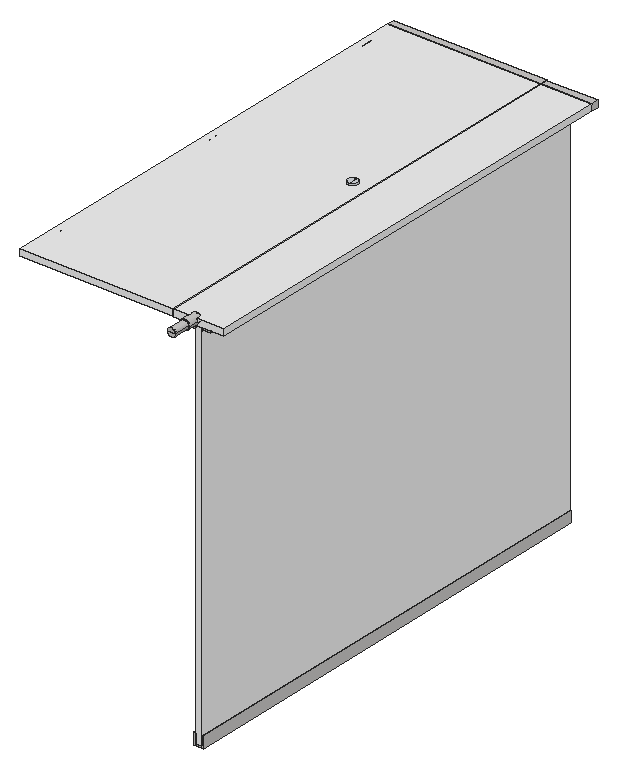
Revit family "Partition-Privada-Floor_Anchored-HPL_Series", category Specialty Equipment, host Face, Revit 2016 (continued)
Dimensions and locks (in)
  aligned and locked: Extrusion 4 to Extrusion 29  (x2)
  aligned and locked: Extrusion 27 to Extrusion 31  (x2)
  aligned and locked: Extrusion 5 to Extrusion 30  (x2)
  aligned and locked: Extrusion 32 to Extrusion 2
  aligned and locked: Extrusion 34 to Extrusion 2
  aligned and locked: Extrusion 33 to Extrusion 2
  aligned and locked: Extrusion 2 to Extrusion 29
  aligned and locked: Extrusion 7 to Extrusion 29
  aligned and locked: Extrusion 7 to Extrusion 31
  aligned and locked: Extrusion 2 to Extrusion 31
  aligned and locked: Extrusion 7 to Extrusion 30
  aligned and locked: Extrusion 2 to Extrusion 30
  aligned and locked: Extrusion 7 to Extrusion 4
  aligned and locked: Extrusion 7 to Extrusion 27
  aligned and locked: Extrusion 7 to Extrusion 5
  aligned and locked: Extrusion 25 to Extrusion 2
  aligned and locked: Extrusion 26 to Extrusion 2
  aligned and locked: curve 43 to Masking region 4
  aligned and locked: Masking region 5 to curve 55
  aligned and locked: curve 86 to Masking region 7
  aligned and locked: Masking region 6 to curve 71  (x3)
  aligned and locked: Revolve 35 sketch curve to plane 32
  aligned and locked: plane 32 to Revolve 35 sketch curve
  aligned and locked: plane 33 to Revolve 36 sketch curve  (x2)
Automatic sketch dimensions
  plane 28 to curve 33 = 0"
  curve 17 to plane 6 = 0"
  plane 14 to curve 51 = 0"
  curve 74 to plane 5 = 0"
  curve 84 to plane 13 = 0"
  curve 1 to plane 6 = 0"
  curve 64 to plane 6 = 0"
  curve 11 to plane 6 = 0"
  curve 13 to curve 16 = 0.17631"
  curve 16 to curve 16 = 0.0465"
  curve 22 to curve 21 = 0.0465"
  curve 20 to curve 20 = 0.12981"
  curve 17 to plane 6 = 0.18425"
  curve 18 to curve 17 = 1.1423"
  curve 91 to curve 55 = 0.34833"
  curve 47 to curve 47 = 0.12661"
  curve 90 to plane 14 = 1.64302"
  plane 5 to curve 57 = 1.69018"
  plane 5 to curve 82 = 1.69018"
  curve 82 to curve 77 = 1.75191"
  curve 93 to curve 72 = 0.59294"
  curve 74 to plane 13 = 11/64"
  curve 75 to plane 13 = 0.04528"
  curve 78 to plane 13 = 0.02264"
  curve 86 to curve 92 = 0.23934"
  curve 7 to curve 25 = 0.17631"
  curve 9 to curve 25 = 0.0465"
  curve 6 to curve 5 = 0.0465"
  curve 5 to curve 3 = 0.12981"
  curve 1 to plane 6 = 0.18425"
  curve 2 to curve 1 = 1.1423"
  plane 26 to curve 91 = 1.62135"
  plane 26 to curve 92 = 1.62538"
  curve 78 to plane 6 = 0.40809"
  curve 8 to curve 24 = 0.30997"
  curve 4 to curve 2 = 0.18822"
  curve 13 to curve 26 = 0.30997"
  curve 21 to curve 18 = 0.18822"
  curve 16 to curve 26 = 0.12175"
  curve 21 to curve 18 = 0"
  curve 5 to curve 2 = 0"
  curve 7 to plane 6 = 0.18425"
  curve 13 to curve 15 = 0"
  curve 10 to curve 7 = 0"
  curve 77 to plane 6 = 0.12528"
  plane 5 to curve 75 = 0.8152"
  curve 46 to curve 47 = 0.8152"
  curve 73 to curve 93 = 0.96427"
  curve 45 to curve 90 = 0.96831"
  curve 91 to curve 91 = 0.20958"  (x2)
  curve 90 to curve 90 = 0.15897"  (x2)
  curve 93 to curve 93 = 0.20906"  (x2)
  curve 85 to plane 13 = 1"
  plane 13 to curve 56 = 0.10298"
  curve 92 to curve 92 = 0.31856"  (x2)
  curve 60 to curve 40 = 1/4"
  plane 26 to curve 85 = 0.62624"
  curve 58 to curve 53 = 0.73441"
  curve 55 to curve 91 = 0.27423"
  curve 91 to curve 91 = 0.27423"
  curve 86 to curve 92 = 0.26264"
  curve 92 to curve 92 = 0.26264"
  curve 92 to curve 86 = 0.26264"
  curve 91 to curve 55 = 0.27423"
  curve 55 to curve 53 = 0.62078"
  curve 86 to curve 85 = 0.73822"
  curve 85 to curve 84 = 2.6827"
  plane 7 to curve 31 = 0.56517"
  plane 7 to curve 30 = 0.56517"
  plane 7 to curve 32 = 0.56517"
  plane 7 to curve 29 = 0.56517"
  plane 7 to curve 61 = 0.55902"
  plane 7 to curve 33 = 0.55902"
  plane 7 to curve 62 = 0.55902"
  plane 7 to curve 63 = 0.55902"
  curve 30 to plane 7 = 0.55442"
  curve 32 to plane 7 = 0.55442"
  curve 29 to plane 7 = 0.55442"
  curve 31 to plane 7 = 0.55442"
  curve 62 to plane 7 = 0.55902"
  curve 61 to plane 7 = 0.55902"
  curve 33 to plane 7 = 0.55902"
  curve 63 to plane 7 = 0.55902"
  curve 51 to curve 51 = 0.80815"
  curve 28 to curve 20 = 0.06519"
  curve 25 to curve 8 = 0.06519"
  curve 23 to curve 4 = 0.06519"
  curve 26 to curve 14 = 0.06519"
  curve 82 to curve 49 = 0.14576"
  curve 57 to curve 77 = 0.14576"
  curve 44 to curve 45 = 2.6827"
  curve 73 to curve 72 = 0.07734"
  curve 93 to curve 93 = 0.27423"
  curve 90 to curve 90 = 0.27423"
  curve 72 to curve 73 = 0.14072"
  host sketch curve to host sketch curve = 96"
  host sketch curve to host sketch curve = 92"
  Revolve 1 sketch curve to plane 6 = 0"  (x2)
  Revolve 1 sketch curve to Revolve 1 sketch curve = 0.09843"
  Revolve 1 sketch curve to Revolve 1 sketch curve = 0.30933"
  Revolve 1 sketch curve to Revolve 1 sketch curve = 0.21211"
  Revolve 1 sketch curve to plane 6 = 0.07136"
  Revolve 1 sketch curve to plane 20 = 2 5/16"
  Revolve 1 sketch curve to Revolve 1 sketch curve = 21/64"
  Revolve 1 sketch curve to Revolve 1 sketch curve = 0"  (x2)
  Revolve 1 sketch curve to Revolve 1 sketch curve = 0.07481"
  Revolve 1 sketch curve to Revolve 1 sketch curve = 0.11443"
  Revolve 1 sketch curve to Revolve 1 sketch curve = 0.24494"
  Revolve 1 sketch curve to plane 22 = 0.13953"
  Extrusion 2 sketch curve to plane 14 = 0.04528"
  Extrusion 3 sketch curve to plane 5 = 0"
  Extrusion 4 sketch curve to Extrusion 4 sketch curve = 0"  (x3)
  plane 14 to Extrusion 4 sketch curve = 0"
  Extrusion 4 sketch curve to plane 14 = 0.02264"
  Extrusion 4 sketch curve to plane 14 = 0.04528"
  Extrusion 4 sketch curve to Extrusion 4 sketch curve = 0.12661"  (x2)
  Extrusion 4 sketch curve to plane 6 = 0.40809"
  Extrusion 4 sketch curve to plane 6 = 0.12528"
  Extrusion 4 sketch curve to plane 6 = 0.0276"
  plane 22 to Extrusion 4 sketch curve = 0.14576"
  Extrusion 5 sketch curve to Extrusion 5 sketch curve = 0"  (x3)
  plane 14 to Extrusion 5 sketch curve = 0"
  Extrusion 5 sketch curve to plane 14 = 0.02264"
  Extrusion 5 sketch curve to plane 14 = 0.04528"
  Extrusion 5 sketch curve to Extrusion 5 sketch curve = 0.12661"  (x2)
  Extrusion 5 sketch curve to plane 6 = 0.40809"
  Extrusion 5 sketch curve to plane 6 = 0.12528"
  Extrusion 5 sketch curve to plane 6 = 0.0276"
  plane 22 to Extrusion 5 sketch curve = 0.14576"
  plane 28 to Revolve 6 sketch curve = 1/8"
  Revolve 6 sketch curve to plane 8 = 1 1/2"
  Revolve 6 sketch curve to Revolve 6 sketch curve = 1/32"
  Revolve 6 sketch curve to plane 8 = 1/2"
  plane 28 to Revolve 6 sketch curve = 3/16"
  plane 8 to Revolve 6 sketch curve = 0.77619"
  plane 28 to Revolve 6 sketch curve = 7/32"
  Revolve 6 sketch curve to Revolve 6 sketch curve = 0.05413"
  Revolve 6 sketch curve to plane 28 = 0.07516"
  Revolve 6 sketch curve to Revolve 6 sketch curve = 0.16969"
  Revolve 6 sketch curve to Revolve 6 sketch curve = 0.07201"
  Revolve 6 sketch curve to Revolve 6 sketch curve = 0.35908"
  Extrusion 9 sketch curve to plane 8 = 0"
  Extrusion 9 sketch curve to plane 9 = 0"
  plane 3 "." to Extrusion 9 sketch curve = 1/2"
  Extrusion 9 sketch curve to plane 3 "." = 1/2"
  Extrusion 10 sketch curve to level = 0"
  Extrusion 10 sketch curve to plane 3 "." = 3/4"
  Extrusion 10 sketch curve to Extrusion 10 sketch curve = 1 1/2"
  Extrusion 10 sketch curve to Extrusion 10 sketch curve = 0"
  Extrusion 11 sketch curve to plane 6 = 0"
  Extrusion 12 sketch curve to plane 8 = 0"
  Extrusion 12 sketch curve to plane 9 = 0"
  Extrusion 12 sketch curve to plane 17 "A" = 1/2"
  plane 17 "A" to Extrusion 12 sketch curve = 1/2"
  Extrusion 13 sketch curve to level = 0"
  plane 17 "A" to Extrusion 13 sketch curve = 3/4"
  Extrusion 13 sketch curve to Extrusion 13 sketch curve = 1 1/2"
  Extrusion 13 sketch curve to Extrusion 13 sketch curve = 0"
  Extrusion 14 sketch curve to plane 6 = 0"
  Masking region 1 sketch curve to plane 6 = 0"
  Masking region 1 sketch curve to level = 0"
  Masking region 1 sketch curve to plane 3 "." = 1.89254"
  Masking region 1 sketch curve to plane 3 "." = 3/4"
  Masking region 1 sketch curve to plane 6 = 1/4"  (x2)
  Masking region 1 sketch curve to plane 3 "." = 23/32"
  Masking region 1 sketch curve to plane 3 "." = 1/2"
  Masking region 1 sketch curve to Masking region 1 sketch curve = 1/4"
  Masking region 1 sketch curve to plane 3 "." = 0.00665"
  plane 3 "." to Masking region 1 sketch curve = 0.00665"
  plane 3 "." to Masking region 1 sketch curve = 1/2"  (x2)
  Masking region 1 sketch curve to Masking region 1 sketch curve = 0.23246"
  plane 3 "." to Masking region 1 sketch curve = 3/4"
  Masking region 1 sketch curve to Masking region 1 sketch curve = 1.16008"
  level to Masking region 1 sketch curve = 1 3/4"
  Masking region 1 sketch curve to Masking region 1 sketch curve = 0"
  plane 7 to Masking region 1 sketch curve = 0.56517"  (x2)
  plane 7 to Masking region 1 sketch curve = 0.00538"  (x2)
  Masking region 1 sketch curve to Masking region 1 sketch curve = 0.18765"  (x2)
  curve 66 to curve 66 = 0.13948"
  curve 79 to curve 79 = 0.13948"
  curve 79 to curve 80 = 0.03239"
  curve 66 to curve 67 = 0.03239"
  curve 43 to plane 21 = 2.93216"
  curve 43 to curve 43 = 0.54845"
  curve 80 to curve 80 = 0.68523"
  curve 67 to curve 67 = 0.68523"
  Masking region 2 sketch curve to Masking region 2 sketch curve = 0.1323"
  plane 13 to Masking region 2 sketch curve = 0.10298"
  Masking region 3 sketch curve to plane 6 = 0"
  Masking region 3 sketch curve to level = 0"
  Masking region 3 sketch curve to plane 32 = 0.89254"
  Masking region 3 sketch curve to plane 17 "A" = 3/4"
  Masking region 3 sketch curve to plane 6 = 1/4"  (x2)
  Masking region 3 sketch curve to plane 17 "A" = 0.73246"
  Masking region 3 sketch curve to plane 17 "A" = 1/2"
  Masking region 3 sketch curve to Masking region 3 sketch curve = 1/4"
  Masking region 3 sketch curve to plane 17 "A" = 0.00665"
  plane 17 "A" to Masking region 3 sketch curve = 0.00665"
  plane 17 "A" to Masking region 3 sketch curve = 1/2"  (x2)
  Masking region 3 sketch curve to Masking region 3 sketch curve = 7/32"
  plane 17 "A" to Masking region 3 sketch curve = 3/4"
  Masking region 3 sketch curve to Masking region 3 sketch curve = 1.17379"
  level to Masking region 3 sketch curve = 1 3/4"
  Masking region 3 sketch curve to Masking region 3 sketch curve = 0"
  plane 7 to Masking region 3 sketch curve = 0.56517"  (x2)
  plane 7 to Masking region 3 sketch curve = 0.00538"  (x2)
  Masking region 3 sketch curve to Masking region 3 sketch curve = 0.18765"  (x2)
  Extrusion 15 sketch curve to plane 9 = 0"
  plane 14 to Masking region 4 sketch curve = 0"
  Masking region 4 sketch curve to plane 5 = 0"
  Masking region 4 sketch curve to plane 14 = 0"
  Masking region 4 sketch curve to plane 21 = 0"
  plane 22 to Masking region 4 sketch curve = 0.14576"
  Masking region 4 sketch curve to plane 6 = 0.0276"  (x2)
  Masking region 4 sketch curve to plane 14 = 0.02264"
  Masking region 4 sketch curve to plane 6 = 0.40809"
  Masking region 4 sketch curve to plane 24 = 1.24762"
  Masking region 4 sketch curve to Masking region 4 sketch curve = 0.11852"  (x2)
  Masking region 4 sketch curve to plane 24 = 0.49699"
  Masking region 4 sketch curve to Masking region 4 sketch curve = 0.0296"  (x2)
  Masking region 4 sketch curve to Masking region 4 sketch curve = 0.6321"
  Masking region 4 sketch curve to plane 32 = 1.10074"
  Masking region 4 sketch curve to plane 21 = 6.72639"
  Masking region 4 sketch curve to Masking region 4 sketch curve = 0.03364"
  Masking region 4 sketch curve to Masking region 4 sketch curve = 0.04103"
  Masking region 4 sketch curve to Masking region 4 sketch curve = 0.99712"
  Masking region 4 sketch curve to Masking region 4 sketch curve = 2.06938"
  Masking region 4 sketch curve to Masking region 4 sketch curve = 0.07331"
  plane 14 to Masking region 4 sketch curve = 0.36271"
  Masking region 4 sketch curve to Masking region 4 sketch curve = 0.12026"
  Masking region 4 sketch curve to Masking region 4 sketch curve = 0.03199"
  Masking region 4 sketch curve to Masking region 4 sketch curve = 0.44105"
  Masking region 4 sketch curve to Masking region 4 sketch curve = 0"  (x2)
  Masking region 4 sketch curve to Masking region 4 sketch curve = 0.03239"
  Masking region 4 sketch curve to Masking region 4 sketch curve = 0.02826"  (x2)
  Masking region 4 sketch curve to Masking region 4 sketch curve = 0.03304"  (x2)
  Masking region 4 sketch curve to Masking region 4 sketch curve = 0.62078"
  Masking region 4 sketch curve to Masking region 4 sketch curve = 0.54845"
  Masking region 4 sketch curve to plane 32 = 0.09329"
  Masking region 4 sketch curve to Masking region 4 sketch curve = 0.56262"
  Masking region 4 sketch curve to Masking region 4 sketch curve = 3/4"
  Masking region 4 sketch curve to Masking region 4 sketch curve = 0.50615"
  Masking region 4 sketch curve to Masking region 4 sketch curve = 0.61271"
  plane 14 to Masking region 4 sketch curve = 0.36434"
  Masking region 4 sketch curve to Masking region 4 sketch curve = 0.02974"
  Masking region 4 sketch curve to Masking region 4 sketch curve = 0.1208"
  plane 21 to Masking region 4 sketch curve = 0.73862"
  Masking region 4 sketch curve to plane 14 = 11/64"
  Masking region 4 sketch curve to plane 14 = 1"  (x3)
  Masking region 4 sketch curve to Masking region 4 sketch curve = 0.24409"  (x2)
  Masking region 4 sketch curve to Masking region 4 sketch curve = 0.38148"  (x2)
  Masking region 4 sketch curve to plane 14 = 1.802"
  Masking region 4 sketch curve to Masking region 4 sketch curve = 0.6232"
  Masking region 4 sketch curve to Masking region 4 sketch curve = 2.47097"
  Masking region 4 sketch curve to Masking region 4 sketch curve = 0.01061"
  Masking region 4 sketch curve to Masking region 4 sketch curve = 0.00986"
  Masking region 4 sketch curve to Masking region 4 sketch curve = 0.55033"
  Masking region 4 sketch curve to Masking region 4 sketch curve = 0.09149"  (x2)
  Masking region 4 sketch curve to Masking region 4 sketch curve = 0.02856"  (x2)
  Masking region 5 sketch curve to plane 6 = 0"
  plane 14 to Masking region 5 sketch curve = 0"  (x2)
  Masking region 5 sketch curve to plane 32 = 0.02903"  (x2)
  plane 14 to Masking region 5 sketch curve = 1.4252"
  Masking region 5 sketch curve to Masking region 5 sketch curve = 0.6232"  (x2)
  plane 14 to Masking region 5 sketch curve = 1/2"  (x2)
  Masking region 5 sketch curve to Masking region 5 sketch curve = 0.11852"  (x2)
  Masking region 5 sketch curve to Masking region 5 sketch curve = 0.24409"  (x2)
  Masking region 5 sketch curve to Masking region 5 sketch curve = 0.12661"  (x2)
  Masking region 5 sketch curve to plane 14 = 0.02264"
  Masking region 5 sketch curve to plane 14 = 1"
  Masking region 5 sketch curve to Masking region 5 sketch curve = 0.35211"
  Masking region 5 sketch curve to Masking region 5 sketch curve = 0.35448"
  Masking region 5 sketch curve to Masking region 5 sketch curve = 0.01061"
  plane 26 to Masking region 5 sketch curve = 0.74704"
  Masking region 5 sketch curve to Masking region 5 sketch curve = 0.00986"
  Masking region 5 sketch curve to Masking region 5 sketch curve = 0.0337"
  Masking region 5 sketch curve to plane 26 = 1.68145"
  Masking region 5 sketch curve to Masking region 5 sketch curve = 0.1208"
  Masking region 5 sketch curve to Masking region 5 sketch curve = 0.73441"
  Masking region 5 sketch curve to Masking region 5 sketch curve = 0.61271"
  Masking region 5 sketch curve to Masking region 5 sketch curve = 0.54845"
  Masking region 5 sketch curve to Masking region 5 sketch curve = 1.6972"
  Masking region 5 sketch curve to Masking region 5 sketch curve = 0.62078"
  Masking region 5 sketch curve to Masking region 5 sketch curve = 0.12026"
  Masking region 5 sketch curve to Masking region 5 sketch curve = 2.23644"
  Masking region 5 sketch curve to Masking region 5 sketch curve = 0.75062"
  Masking region 5 sketch curve to Masking region 5 sketch curve = 0.6321"
  Masking region 5 sketch curve to plane 6 = 1.49904"
  Masking region 5 sketch curve to Masking region 5 sketch curve = 0.71047"
  Masking region 5 sketch curve to plane 6 = 0.40809"
  plane 22 to Masking region 5 sketch curve = 0.14576"
  Extrusion 17 sketch curve to plane 9 = 0"
  Extrusion 19 sketch curve to plane 13 = 0"
  Extrusion 19 sketch curve to plane 6 = 0"
  plane 18 to Extrusion 20 sketch curve = 0"
  Extrusion 20 sketch curve to plane 6 = 0"
  plane 28 to Extrusion 21 sketch curve = 0"
  Extrusion 21 sketch curve to plane 5 = 0"
  Extrusion 21 sketch curve to plane 18 = 1/2"
  plane 29 to Revolve 23 sketch curve = 1/8"
  Revolve 23 sketch curve to plane 8 = 1 1/2"
  Revolve 23 sketch curve to Revolve 23 sketch curve = 1/32"
  Revolve 23 sketch curve to plane 8 = 1/2"
  plane 29 to Revolve 23 sketch curve = 1/4"
  plane 8 to Revolve 23 sketch curve = 0.77619"
  plane 29 to Revolve 23 sketch curve = 7/32"
  Revolve 23 sketch curve to Revolve 23 sketch curve = 0.05413"
  Revolve 23 sketch curve to plane 29 = 0.07516"
  Revolve 23 sketch curve to Revolve 23 sketch curve = 0.16969"
  Revolve 23 sketch curve to Revolve 23 sketch curve = 0.07201"
  Revolve 23 sketch curve to Revolve 23 sketch curve = 0.35908"
  Masking region 6 sketch curve to plane 13 = 0"  (x2)
  Masking region 6 sketch curve to plane 5 = 0"
  Masking region 6 sketch curve to plane 21 = 0"
  plane 22 to Masking region 6 sketch curve = 0.14576"
  Masking region 6 sketch curve to plane 6 = 0.0276"  (x2)
  Masking region 6 sketch curve to plane 13 = 0.02264"
  Masking region 6 sketch curve to plane 6 = 0.40809"
  Masking region 6 sketch curve to plane 25 = 1.24762"
  Masking region 6 sketch curve to Masking region 6 sketch curve = 0.11852"  (x2)
  Masking region 6 sketch curve to plane 25 = 0.49699"
  Masking region 6 sketch curve to Masking region 6 sketch curve = 0.0296"  (x2)
  Masking region 6 sketch curve to Masking region 6 sketch curve = 0.6321"
  Masking region 6 sketch curve to Masking region 6 sketch curve = 4.44346"
  Masking region 6 sketch curve to Masking region 6 sketch curve = 0.03364"
  Masking region 6 sketch curve to Masking region 6 sketch curve = 0.04103"
  Masking region 6 sketch curve to plane 13 = 1.802"
  Masking region 6 sketch curve to Masking region 6 sketch curve = 0.63423"
  Masking region 6 sketch curve to Masking region 6 sketch curve = 1.34331"
  Masking region 6 sketch curve to Masking region 6 sketch curve = 0.07734"
  plane 13 to Masking region 6 sketch curve = 0.36271"
  Masking region 6 sketch curve to Masking region 6 sketch curve = 0.12026"
  Masking region 6 sketch curve to Masking region 6 sketch curve = 0.03199"
  Masking region 6 sketch curve to Masking region 6 sketch curve = 0.44105"
  Masking region 6 sketch curve to Masking region 6 sketch curve = 3/4"
  Masking region 6 sketch curve to Masking region 6 sketch curve = 0.03239"
  Masking region 6 sketch curve to Masking region 6 sketch curve = 0.02826"  (x2)
  Masking region 6 sketch curve to Masking region 6 sketch curve = 0.03304"  (x2)
  Masking region 6 sketch curve to Masking region 6 sketch curve = 0.61271"
  Masking region 6 sketch curve to Masking region 6 sketch curve = 0.54845"
  Masking region 6 sketch curve to Masking region 6 sketch curve = 0.09369"
  Masking region 6 sketch curve to Masking region 6 sketch curve = 0.50615"
  Masking region 6 sketch curve to Masking region 6 sketch curve = 0.62078"
  plane 13 to Masking region 6 sketch curve = 0.36434"
  Masking region 6 sketch curve to Masking region 6 sketch curve = 0.02974"
  Masking region 6 sketch curve to Masking region 6 sketch curve = 0.1208"
  plane 21 to Masking region 6 sketch curve = 0.37573"
  plane 13 to Masking region 6 sketch curve = 0.38581"  (x2)
  Masking region 6 sketch curve to Masking region 6 sketch curve = 1.4798"
  Masking region 6 sketch curve to Masking region 6 sketch curve = 0.55033"
  Masking region 6 sketch curve to Masking region 6 sketch curve = 0.29156"  (x2)
  Masking region 6 sketch curve to Masking region 6 sketch curve = 0.02856"  (x2)
  Masking region 6 sketch curve to Masking region 6 sketch curve = 0.05877"
  plane 13 to Masking region 6 sketch curve = 0.12661"
  Masking region 6 sketch curve to Masking region 6 sketch curve = 53/64"
  Masking region 6 sketch curve to plane 13 = 1"  (x2)
  Masking region 6 sketch curve to Masking region 6 sketch curve = 0.5579"
  Masking region 6 sketch curve to Masking region 6 sketch curve = 0"
  Masking region 6 sketch curve to Masking region 6 sketch curve = 0.38148"  (x2)
  Masking region 6 sketch curve to Masking region 6 sketch curve = 0.802"
  Masking region 6 sketch curve to Masking region 6 sketch curve = 0.6232"
  Masking region 6 sketch curve to Masking region 6 sketch curve = 2.47097"
  Masking region 7 sketch curve to plane 13 = 0"
  plane 13 to Masking region 7 sketch curve = 0"
  Masking region 7 sketch curve to Masking region 7 sketch curve = 0.0296"  (x2)
  plane 13 to Masking region 7 sketch curve = 1.4252"
  plane 13 to Masking region 7 sketch curve = 0.802"
  Masking region 7 sketch curve to Masking region 7 sketch curve = 0.6232"
  plane 13 to Masking region 7 sketch curve = 1/2"  (x2)
  Masking region 7 sketch curve to Masking region 7 sketch curve = 0.11852"  (x2)
  plane 13 to Masking region 7 sketch curve = 0.24409"
  Masking region 7 sketch curve to Masking region 7 sketch curve = 0.24409"
  plane 13 to Masking region 7 sketch curve = 0.12661"  (x2)
  Masking region 7 sketch curve to plane 13 = 0.02264"
  Masking region 7 sketch curve to Masking region 7 sketch curve = 0.35211"
  Masking region 7 sketch curve to Masking region 7 sketch curve = 0.35448"
  Masking region 7 sketch curve to Masking region 7 sketch curve = 0.01061"
  plane 26 to Masking region 7 sketch curve = 0.74704"
  Masking region 7 sketch curve to Masking region 7 sketch curve = 0.00986"
  Masking region 7 sketch curve to Masking region 7 sketch curve = 0.0337"
  plane 22 to Masking region 7 sketch curve = 0.14576"
  Masking region 7 sketch curve to plane 6 = 0.0276"
  Masking region 7 sketch curve to Masking region 7 sketch curve = 0.40809"
  Masking region 7 sketch curve to Masking region 7 sketch curve = 0.71047"
  plane 27 to Masking region 7 sketch curve = 1.24762"
  plane 27 to Masking region 7 sketch curve = 0.49699"
  Masking region 7 sketch curve to Masking region 7 sketch curve = 0.6321"
  Masking region 7 sketch curve to Masking region 7 sketch curve = 4.15544"
  Masking region 7 sketch curve to Masking region 7 sketch curve = 1.84946"
  Masking region 7 sketch curve to Masking region 7 sketch curve = 0.10989"
  Masking region 7 sketch curve to Masking region 7 sketch curve = 0.12026"
  Masking region 7 sketch curve to Masking region 7 sketch curve = 0.62833"
  Masking region 7 sketch curve to Masking region 7 sketch curve = 0.52527"
  Masking region 7 sketch curve to Masking region 7 sketch curve = 0.60515"
  Masking region 7 sketch curve to Masking region 7 sketch curve = 0.1208"
  Masking region 7 sketch curve to plane 26 = 1.47884"
  Extrusion 25 sketch curve to Extrusion 25 sketch curve = 0"  (x3)
  Extrusion 25 sketch curve to plane 13 = 0"
  Extrusion 25 sketch curve to plane 13 = 0.02264"
  Extrusion 25 sketch curve to Extrusion 25 sketch curve = 0.04528"
  Extrusion 25 sketch curve to Extrusion 25 sketch curve = 0.12661"
  plane 13 to Extrusion 25 sketch curve = 0.12661"
  plane 22 to Extrusion 25 sketch curve = 0.14576"
  Extrusion 25 sketch curve to plane 6 = 0.0276"
  Extrusion 25 sketch curve to plane 6 = 0.12528"
  Extrusion 25 sketch curve to Extrusion 25 sketch curve = 0.28281"
  Extrusion 26 sketch curve to Extrusion 26 sketch curve = 0"  (x3)
  Extrusion 26 sketch curve to plane 13 = 0"
  Extrusion 26 sketch curve to plane 13 = 0.02264"
  Extrusion 26 sketch curve to Extrusion 26 sketch curve = 0.04528"
  Extrusion 26 sketch curve to Extrusion 26 sketch curve = 0.12661"
  plane 13 to Extrusion 26 sketch curve = 0.12661"
  plane 22 to Extrusion 26 sketch curve = 0.14576"
  Extrusion 26 sketch curve to plane 6 = 0.0276"
  Extrusion 26 sketch curve to plane 6 = 0.12528"
  Extrusion 26 sketch curve to Extrusion 26 sketch curve = 0.28281"
  Extrusion 27 sketch curve to Extrusion 27 sketch curve = 0"  (x3)
  plane 14 to Extrusion 27 sketch curve = 0"
  Extrusion 27 sketch curve to plane 14 = 0.02264"
  Extrusion 27 sketch curve to plane 14 = 0.04528"
  Extrusion 27 sketch curve to Extrusion 27 sketch curve = 0.12661"  (x2)
  Extrusion 27 sketch curve to plane 6 = 0.40809"
  Extrusion 27 sketch curve to plane 6 = 0.12528"
  Extrusion 27 sketch curve to plane 6 = 0.0276"
  plane 22 to Extrusion 27 sketch curve = 0.14576"
  Extrusion 28 sketch curve to Extrusion 28 sketch curve = 0"  (x3)
  Extrusion 28 sketch curve to plane 13 = 0"
  Extrusion 28 sketch curve to plane 13 = 0.02264"
  Extrusion 28 sketch curve to Extrusion 28 sketch curve = 0.04528"
  Extrusion 28 sketch curve to Extrusion 28 sketch curve = 0.12661"
  plane 13 to Extrusion 28 sketch curve = 0.12661"
  plane 22 to Extrusion 28 sketch curve = 0.14576"
  Extrusion 28 sketch curve to plane 6 = 0.0276"
  Extrusion 28 sketch curve to plane 6 = 0.12528"
  Extrusion 28 sketch curve to Extrusion 28 sketch curve = 0.28281"
  Extrusion 29 sketch curve to Extrusion 29 sketch curve = 0"  (x3)
  plane 14 to Extrusion 29 sketch curve = 0"
  Extrusion 29 sketch curve to plane 14 = 0.02264"
  Extrusion 29 sketch curve to plane 14 = 0.04528"
  Extrusion 29 sketch curve to Extrusion 29 sketch curve = 0.12661"  (x2)
  Extrusion 29 sketch curve to plane 22 = 0.14576"
  plane 5 to Extrusion 29 sketch curve = 0.0276"
  plane 5 to Extrusion 29 sketch curve = 0.12528"
  Extrusion 29 sketch curve to Extrusion 29 sketch curve = 0.28281"
  Extrusion 30 sketch curve to Extrusion 30 sketch curve = 0"  (x3)
  plane 14 to Extrusion 30 sketch curve = 0"
  Extrusion 30 sketch curve to plane 14 = 0.02264"
  Extrusion 30 sketch curve to plane 14 = 0.04528"
  Extrusion 30 sketch curve to Extrusion 30 sketch curve = 0.12661"  (x2)
  Extrusion 30 sketch curve to plane 22 = 0.14576"
  plane 5 to Extrusion 30 sketch curve = 0.0276"
  plane 5 to Extrusion 30 sketch curve = 0.12528"
  Extrusion 30 sketch curve to Extrusion 30 sketch curve = 0.28281"
  Extrusion 31 sketch curve to Extrusion 31 sketch curve = 0"  (x3)
  plane 14 to Extrusion 31 sketch curve = 0"
  Extrusion 31 sketch curve to plane 14 = 0.02264"
  Extrusion 31 sketch curve to plane 14 = 0.04528"
  Extrusion 31 sketch curve to Extrusion 31 sketch curve = 0.12661"  (x2)
  Extrusion 31 sketch curve to plane 22 = 0.14576"
  plane 5 to Extrusion 31 sketch curve = 0.0276"
  plane 5 to Extrusion 31 sketch curve = 0.12528"
  Extrusion 31 sketch curve to Extrusion 31 sketch curve = 0.28281"
  Extrusion 32 sketch curve to Extrusion 32 sketch curve = 0"  (x3)
  Extrusion 32 sketch curve to plane 13 = 0"
  Extrusion 32 sketch curve to plane 13 = 0.02264"
  Extrusion 32 sketch curve to Extrusion 32 sketch curve = 0.04528"
  Extrusion 32 sketch curve to Extrusion 32 sketch curve = 0.12661"
  plane 13 to Extrusion 32 sketch curve = 0.12661"
  plane 5 to Extrusion 32 sketch curve = 0.40809"
  plane 5 to Extrusion 32 sketch curve = 0.12528"
  plane 5 to Extrusion 32 sketch curve = 0.0276"
  Extrusion 32 sketch curve to plane 22 = 0.14576"
  Extrusion 33 sketch curve to Extrusion 33 sketch curve = 0"  (x3)
  Extrusion 33 sketch curve to plane 13 = 0"
  Extrusion 33 sketch curve to plane 13 = 0.02264"
  Extrusion 33 sketch curve to Extrusion 33 sketch curve = 0.04528"
  Extrusion 33 sketch curve to Extrusion 33 sketch curve = 0.12661"
  plane 13 to Extrusion 33 sketch curve = 0.12661"
  plane 5 to Extrusion 33 sketch curve = 0.40809"
  plane 5 to Extrusion 33 sketch curve = 0.12528"
  plane 5 to Extrusion 33 sketch curve = 0.0276"
  Extrusion 33 sketch curve to plane 22 = 0.14576"
  Extrusion 34 sketch curve to Extrusion 34 sketch curve = 0"  (x3)
  Extrusion 34 sketch curve to plane 13 = 0"
  Extrusion 34 sketch curve to plane 13 = 0.02264"
  Extrusion 34 sketch curve to Extrusion 34 sketch curve = 0.04528"
  Extrusion 34 sketch curve to Extrusion 34 sketch curve = 0.12661"
  plane 13 to Extrusion 34 sketch curve = 0.12661"
  plane 5 to Extrusion 34 sketch curve = 0.40809"
  plane 5 to Extrusion 34 sketch curve = 0.12528"
  plane 5 to Extrusion 34 sketch curve = 0.0276"
  Extrusion 34 sketch curve to plane 22 = 0.14576"
  Revolve 35 sketch curve to plane 4 = 0"
  plane 32 to Revolve 35 sketch curve = 5/8"
  Revolve 35 sketch curve to plane 8 = 1 1/2"
  Revolve 35 sketch curve to Revolve 35 sketch curve = 1/32"  (x2)
  plane 8 to Revolve 35 sketch curve = 0.77619"
  Revolve 35 sketch curve to Revolve 35 sketch curve = 0.05413"
  Revolve 35 sketch curve to Revolve 35 sketch curve = 0.22381"
  plane 32 to Revolve 35 sketch curve = 11/16"
  Revolve 35 sketch curve to Revolve 35 sketch curve = 0.29391"
  Revolve 35 sketch curve to Revolve 35 sketch curve = 0.21123"
  Revolve 35 sketch curve to Revolve 35 sketch curve = 0.61078"
  Revolve 36 sketch curve to plane 4 = 0"
  plane 33 to Revolve 36 sketch curve = 5/8"
  Revolve 36 sketch curve to plane 8 = 1 1/2"
  Revolve 36 sketch curve to Revolve 36 sketch curve = 1/32"  (x2)
  plane 8 to Revolve 36 sketch curve = 0.77619"
  Revolve 36 sketch curve to Revolve 36 sketch curve = 0.05413"
  Revolve 36 sketch curve to Revolve 36 sketch curve = 0.22381"
  plane 33 to Revolve 36 sketch curve = 11/16"
  Revolve 36 sketch curve to Revolve 36 sketch curve = 0.29391"
  Revolve 36 sketch curve to Revolve 36 sketch curve = 0.4578"
  Revolve 36 sketch curve to Revolve 36 sketch curve = 1/2"
Nested families (in)
  nested 1: "Handle" at (-6, -1.5, 59), visible <- "1 - Left Hinged Inswing", type "Handle"
  nested 2: "Handle" at (-30, -1.5, 59) x (-1, 0, 0) z (0, 0, 1), visible <- "3 - Right Hinged Inswing", type "Handle"
  nested 3: "Outswing Handle" at (-30, -1.5, 59) x (-1, 0, 0) z (0, 0, 1), visible <- "4 - Right Hinged Outswing", type "Outswing Handle"
  nested 4: "Outswing Handle" at (-6, -1.5, 59), visible <- "2 - Left Hinged Outswing", type "Outswing Handle"
Definition of nested family "Handle"
  Parameters (values of type "Handle")
    Material = "Hardware-Privada-Stainless Steel Satin"
    Hardware Material = none
    Default Elevation = 0"
  Reference planes (in)
    plane 1 "Center (Front/Back)": y = 0
    plane 2: z = 0
    plane 3 "Center (Left/Right)": x = 0
    plane 4: x = -2.62624
    plane 5: z = -0.24409
    plane 6: z = -1.4252
    plane 7: z = -1.1127
    plane 8: x = 0.605
    plane 9: x = -5.85748
  Forms (in)
    Revolve 1, solid
      sketch origin (3.68887, 0, -27.99683) x (-1, 0, 0) y (0, 0, 1)
        loop
          line (6.02033, 27.75273) -> (6.02033, 26.88413) -> (6.31511, 26.88413) -> (6.31511, 27.75273) -> (6.02033, 27.75273)
        axis (6.31511, 26.88413) -> (6.31511, 27.75273)
      angle from 0 to 360
    Revolve 2, solid
      sketch origin (3.65718, 0, -26.93141) x (-1, 0, 0) y (0, 0, 1)
        loop
          arc (9.51466, 26.09996) -> (9.50551, 26.12206) -> (9.48341, 26.13121) r 0.03125
          line (9.48341, 26.13121) -> (3.05218, 26.13121) -> (3.05218, 25.81871) -> (9.51466, 25.81871) -> (9.51466, 26.09996)
        axis (3.05218, 25.81871) -> (9.51466, 25.81871)
      angle from 0 to 360
    Extrusion 3, solid
      sketch origin (4, -0.4375, -71) x (1, 0, 0) y (0, 1, 0)
        loop
          circle (-6.62624, 0.4375) r 0.7874
      from 70.75591 to 71
    Revolve 4, solid
      sketch origin (-2.62624, -0.4375, -70) x (0, 1, 0) y (0, 0, 1)
        loop
          line (0.4375, 71) -> (1.2249, 71) -> (1.2249, 71.15748) -> (0.4375, 71.15748) -> (0.4375, 71)
        axis (0.4375, 71.15748) -> (0.4375, 71)
      angle from 0 to 360
    Extrusion 5, void
      sketch origin (4.02468, -0.4375, -59) x (1, 0, 0) y (0, 1, 0)
        loop
          circle (-6.65092, 0.9979) r 0.12617
      from 60.12201 to 60.15748
    Extrusion 6, solid
      sketch origin (7.61061, -0.4375, -72.45645) x (1, 0, 0) y (0, 1, 0)
        loop
          circle (-6.62624, 0.4375) r 0.78906
      from 70.85645 to 71
    Extrusion 7, solid
      sketch origin (7.61061, -0.4375, -72.1811) x (1, 0, 0) y (0, 1, 0)
        loop
          circle (-6.62624, 0.4375) r 0.34745
      from 70.72466 to 71.41917
    Extrusion 8, solid
      sketch origin (7.61061, -0.4375, -71.51784) x (1, 0, 0) y (0, 1, 0)
        loop
          circle (-6.62624, 0.4375) r 0.78906
      from 70.75591 to 71.51784
  Cuts and joins
    Extrusion 5 cuts Revolve 1
    Extrusion 5 cuts Revolve 2
    Extrusion 5 cuts Extrusion 3
    Extrusion 5 cuts Revolve 4
    joined: Revolve 1, Revolve 2, Extrusion 3, Revolve 4
  Dimensions and locks (in)
    equal spacing: plane 9, plane 4, plane 8
    plane 9 to plane 8 = 6.46248"
    aligned and locked: Extrusion 3 to plane 5
    aligned and locked: cut or joined group of Revolve 1, Revolve 2, Extrusion 3, Revolve 4, Extrusion 5 to plane 5
    aligned and locked: Extrusion 5 to Revolve 4
    aligned and locked: plane 8 to cut or joined group of Revolve 1, Revolve 2, Extrusion 3, Revolve 4, Extrusion 5
    aligned and locked: level to Extrusion 8
    aligned and locked: Extrusion 7 to Extrusion 6
  Automatic sketch dimensions
    Revolve 1 sketch curve to plane 5 = 0"
    Revolve 1 sketch curve to plane 7 = 0"
    Revolve 1 sketch curve to plane 4 = 0"  (x2)
    plane 4 to Revolve 1 sketch curve = 0.29478"
    plane 6 to Revolve 1 sketch curve = 0.14375"
    Revolve 1 sketch curve to plane 6 = 0.0531"
    Revolve 2 sketch curve to plane 8 = 0"
    plane 9 to Revolve 2 sketch curve = 0"
    Revolve 2 sketch curve to plane 9 = 1/32"
    plane 6 to Revolve 2 sketch curve = 5/16"  (x2)
    Revolve 2 sketch curve to Revolve 2 sketch curve = 9/32"
    plane 9 to Revolve 2 sketch curve = 0.14515"
    Revolve 2 sketch curve to Revolve 2 sketch curve = 0.31711"
    plane 1 "Center (Front/Back)" to Extrusion 3 sketch curve = 0"
    Extrusion 3 sketch curve to plane 4 = 0"
    Revolve 4 sketch curve to plane 1 "Center (Front/Back)" = 0"  (x2)
    Revolve 4 sketch curve to plane 1 "Center (Front/Back)" = 0.7874"
    level to Revolve 4 sketch curve = 1"
    Revolve 4 sketch curve to Revolve 4 sketch curve = 0.15748"
    Revolve 4 sketch curve to Revolve 4 sketch curve = 0.06593"
    Revolve 4 sketch curve to Revolve 4 sketch curve = 0.28465"
    Extrusion 5 sketch curve to plane 4 = 0"
    Extrusion 5 sketch curve to plane 1 "Center (Front/Back)" = 0.5604"
    plane 1 "Center (Front/Back)" to Extrusion 6 sketch curve = 0"
    plane 3 "Center (Left/Right)" to Extrusion 6 sketch curve = 63/64"
    plane 1 "Center (Front/Back)" to Extrusion 7 sketch curve = 0"
    plane 3 "Center (Left/Right)" to Extrusion 7 sketch curve = 63/64"
    plane 1 "Center (Front/Back)" to Extrusion 8 sketch curve = 0"
    plane 3 "Center (Left/Right)" to Extrusion 8 sketch curve = 63/64"
    radius of Extrusion 3 sketch curve = 0.7874"
    radius of Extrusion 5 sketch curve = 0.12617"
    radius of Extrusion 6 sketch curve = 101/128"
    radius of Extrusion 7 sketch curve = 0.34745"
    radius of Extrusion 8 sketch curve = 101/128"
Definition of nested family "Outswing Handle"
  Parameters (values of type "Outswing Handle")
    Material = "Hardware-Privada-Stainless Steel Satin"
    Hardware Material = none
    Default Elevation = 0"
  Reference planes (in)
    plane 1 "Center (Front/Back)": y = 0
    plane 2: z = 0
    plane 3 "Center (Left/Right)": x = 0
    plane 4: z = 1
    plane 5: y = -2.5
    plane 6: x = -2.65447
    plane 7: y = -5.5
    plane 8: z = -1.1127
  Forms (in)
    Extrusion 1, void
      sketch origin (4, -5.89922, -59.21246) x (1, 0, 0) y (0, 1, 0)
        loop
          circle (-6.65532, 0.98553) r 0.13855
      from 60.3481 to 60.40121
    Revolve 2, solid
      sketch origin (3.66064, -5.5, -27.99683) x (-1, 0, 0) y (0, 0, 1)
        loop
          line (6.02033, 27.75273) -> (6.02033, 26.88413) -> (6.31511, 26.88413) -> (6.31511, 27.75273) -> (6.02033, 27.75273)
        axis (6.31511, 26.88413) -> (6.31511, 27.75273)
      angle from 0 to 360
    Revolve 3, solid
      sketch origin (3.62895, -5.5, -26.93141) x (-1, 0, 0) y (0, 0, 1)
        loop
          arc (9.51466, 26.09996) -> (9.50551, 26.12206) -> (9.48341, 26.13121) r 0.03125
          line (9.48341, 26.13121) -> (3.05218, 26.13121) -> (3.05218, 25.81871) -> (9.51466, 25.81871) -> (9.51466, 26.09996)
        axis (3.05218, 25.81871) -> (9.51466, 25.81871)
      angle from 0 to 360
    Extrusion 4, solid
      sketch origin (3.97177, -5.9375, -71) x (1, 0, 0) y (0, 1, 0)
        loop
          circle (-6.62624, 0.4375) r 0.7874
      from 70.75591 to 71
    Revolve 5, solid
      sketch origin (-2.65447, -5.9375, -70) x (0, 1, 0) y (0, 0, 1)
        loop
          line (0.4375, 71) -> (1.2249, 71) -> (1.2249, 71.15748) -> (0.4375, 71.15748) -> (0.4375, 71)
        axis (0.4375, 71.15748) -> (0.4375, 71)
      angle from 0 to 360
    Extrusion 6, solid
      sketch origin (7.58238, -5.9375, -72.45645) x (1, 0, 0) y (0, 1, 0)
        loop
          circle (-6.62624, 0.4375) r 0.78906
      from 70.85645 to 71
    Extrusion 7, solid
      sketch origin (7.58238, -5.9375, -72.1811) x (1, 0, 0) y (0, 1, 0)
        loop
          circle (-6.62624, 0.4375) r 0.34745
      from 70.72466 to 71.41917
    Extrusion 8, solid
      sketch origin (7.58238, -5.9375, -71.51784) x (1, 0, 0) y (0, 1, 0)
        loop
          circle (-6.62624, 0.4375) r 0.78906
      from 70.75591 to 71.51784
    Revolve 9, solid
      sketch origin (3.65718, -2.5, 28.99683) x (-1, 0, 0) y (0, 0, 1)
        loop
          line (5.94011, -27.8381) -> (6.31511, -27.8381) -> (6.31511, -25.10463) -> (6.06054, -25.10463)
          arc (6.06054, -25.10463) -> (6.04916, -25.09365) -> (6.03386, -25.08965) r 0.03125
          arc (6.03386, -25.08965) -> (6.01177, -25.0988) -> (6.00261, -25.1209) r 0.03125
          line (6.00261, -25.1209) -> (6.00261, -25.1834)
          arc (6.00261, -25.1834) -> (5.99346, -25.2055) -> (5.97136, -25.21465) r 0.03125
          line (5.97136, -25.21465) -> (5.94011, -25.21465) -> (5.94011, -27.8381)
        axis (6.31511, -27.8381) -> (6.31511, -25.08965)
      angle from 0 to 360
    Revolve 10, solid
      sketch origin (3.65718, -2.5, 28.99683) x (-1, 0, 0) y (0, 0, 1)
        loop
          line (10.38156, -26.09996) -> (10.38156, -25.81871) -> (6.47672, -25.81871) -> (6.47672, -26.13121) -> (10.35031, -26.13121)
          arc (10.35031, -26.13121) -> (10.37241, -26.12206) -> (10.38156, -26.09996) r 0.03125
        axis (6.47672, -25.81871) -> (10.38156, -25.81871)
      angle from 0 to 360
    Revolve 11, solid
      sketch origin (-2.62624, -2.9375, -70) x (0, 1, 0) y (0, 0, 1)
        loop
          line (0.4375, 71) -> (1.4375, 71) -> (1.31602, 71.36444)
          arc (1.31602, 71.36444) -> (1.30465, 71.37991) -> (1.28637, 71.38581) r 0.03125
          line (1.28637, 71.38581) -> (0.4375, 71.38581) -> (0.4375, 71)
        axis (0.4375, 71.38581) -> (0.4375, 71)
      angle from 0 to 360
  Cuts and joins
    Extrusion 1 cuts Revolve 5
  Dimensions and locks (in)
    aligned and locked: Extrusion 7 to Extrusion 6
Types (6): name | Right Stile Width | Right Stile Constraint | Right Side Corner | Right Partition | Left Stile Option | 4 - Right Hinged Outswing | 3 - Right Hinged Inswing | Left Stile Width | Left Stile Constraint | Inswing Visibility | 1 - Left Hinged Inswing | Stall Width Constraint | Door Option | Center Stall Width | Center Stall Constraint | Corner Option | Door Width | Center Stall Option
  (no name) | 8" | 8" | no | yes | no | no | no | 8" | 8" | yes | yes | 32" | 1 | 32" | 32" | no | 24" | yes
  Left Corner Partition | 12" | 12" | no | yes | yes | no | yes | 60" | 48" | no | no | 60" | 3 | 72" | 48" | yes | 36" | no
  Center Partition | 8" | 8" | no | yes | no | no | no | 8" | 8" | yes | yes | 32" | 1 | 32" | 32" | no | 24" | yes
  Right Corner Partition | 60" | 48" | yes | no | no | yes | no | 12" | 12" | no | no | 72" | 4 | 72" | 48" | no | 36" | yes
  Right Alcove | 8" | 8" | no | no | no | no | no | 8" | 8" | yes | yes | 32" | 1 | 32" | 32" | no | 24" | yes
  Left Alcove | 8" | 8" | no | yes | yes | no | no | 8" | 8" | yes | yes | 32" | 1 | 32" | 32" | no | 24" | yes
